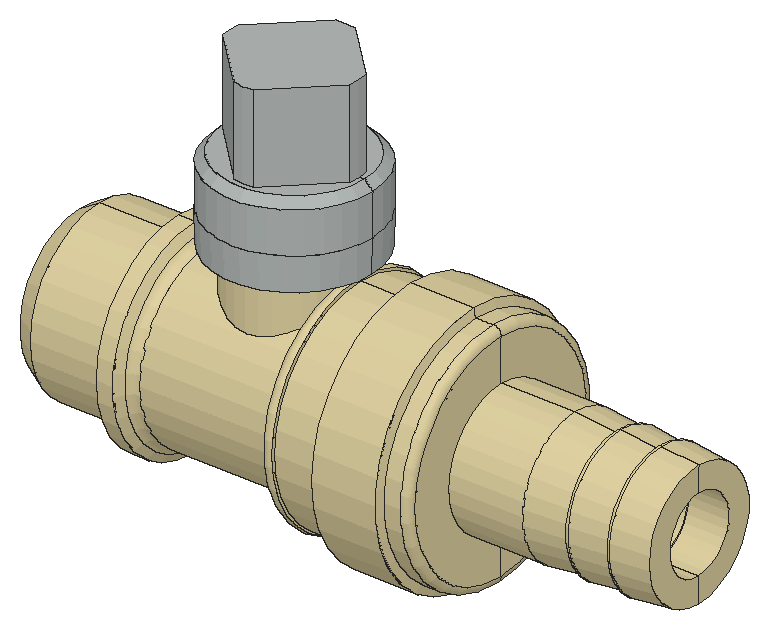
Revit family "QL23621015", category Apparecchi idraulici, Revit 2020
Family settings
  Quota connettore circolare = Usa diametro
  Tipo di parte = Normale
  Numero OmniClass = 23.45.00.00
  Titolo OmniClass = Sanitary, Laundry, and Cleaning Equipment
  Basato su piano di lavoro = No
  Sempre verticale = Sì
  Taglio con vuoti quando caricato = No
  Condiviso = No
  Punto di calcolo locali = No
Parameters
  URL = "https://web.cimberio.it/index.php/figura/947?subcategoria_id="
  Temperatura di esercizio = "-20 ÷ 90°C"
  Prospetto di default = 0 mm
  Produttore = "CIMBERIO SPA"
  Pressione nominale = "PN 16"
  Modello = "Cim 190/1"
  Materiale = "Prodotto in lega di ottone conforme alla norma EN 12165-CW617N-DW"
  Descrizione = "Realizzato in ottemperanza ai requisiti gestionali della norma EN ISO 9001.\r\nCollaudato al 100% secondo la normativa EN 12266-1.\r\nUtilizzato per impianti idraulici domestici e commerciali, impianti di riscaldamento come scarico caldaia"
  DN [instance] = 9 mm
  Type Comments = ""
Reference planes
  plane 1 "Centro (Fronte/Retro)": y = 0
  plane 2: z = 0
  plane 3 "Centro (Sinistra/Destra)": x = 0
Forms (mm)
  Revolve 1, solid, material "Cim_Lega di ottone gialla filetto"
    sketch origin (0, 0, 0) x (1, 0, 0) y (0, 0, 1)
      loop
        line (-26, 4.5) -> (-14, 4.5) -> (-14, 10.45) -> (-23.59, 10.45) -> (-26, 9.007) -> (-26, 4.5)
      axis (-26, 0) -> (-14, 0)
    angle from 0 to 360
  Revolve 2, solid, material "Cim_Lega di ottone gialla"
    sketch origin (0, 0, 0) x (1, 0, 0) y (0, 0, 1)
      loop
        line (-14, -4.5) -> (-14, -12.5) -> (-12, -12.5) -> (-11.423, -11.5)
        arc (-11.423, -11.5) -> (-10.874, -10.951) -> (-10.124, -10.75) r 1.5
        line (-10.124, -10.75) -> (5.412, -10.75) -> (6.711, -13)
        arc (6.711, -13) -> (7.277, -13.454) -> (8, -13.406) r 1
        line (8, -13.406) -> (8, -4.5) -> (-14, -4.5)
      axis (-14, 0) -> (8, 0)
    angle from 0 to 360
  Revolve 3, solid, material "Cim_Lega di ottone gialla filetto"
    sketch origin (0, 0, 0) x (1, 0, 0) y (0, 0, 1)
      loop
        line (8, 13.125) -> (8, 4.5) -> (13.5, 4.5) -> (13.5, 13.125) -> (8, 13.125)
      axis (8, 0) -> (13.5, 0)
    angle from 0 to 360
  Revolve 4, solid, material "Cim_Lega di ottone gialla"
    sketch origin (0, 0, 0) x (1, 0, 0) y (0, 0, 1)
      loop
        arc (25, 13) -> (24.707, 13.707) -> (24, 14) r 1
        line (24, 14) -> (22, 14) -> (21.733, 14.997) -> (14.075, 14.997) -> (13.5, 13.943) -> (13.5, 4.5) -> (25, 4.5) -> (25, 13)
      axis (13.5, 0) -> (25, 0)
    angle from 0 to 360
  Revolve 5, solid, material "Cim_Lega di ottone gialla"
    sketch origin (0, 0, 0) x (1, 0, 0) y (0, 0, 1)
      loop
        line (34, 8) -> (25, 8) -> (25, 4.5) -> (39, 4.5) -> (39, 7.5) -> (34, 8)
      axis (39, 0) -> (25, 0)
    angle from 0 to 360
  Revolve 6, solid, material "Cim_Lega di ottone gialla"
    sketch origin (0, 0, 0) x (1, 0, 0) y (0, 0, 1)
      loop
        line (44, 7.5) -> (39.518, 7.969)
        arc (39.518, 7.969) -> (39.155, 7.851) -> (39, 7.502) r 0.469
        line (39, 7.502) -> (39, 4.5) -> (44, 4.5) -> (44, 7.5)
      axis (39, 0) -> (44, 0)
    angle from 0 to 360
  Revolve 7, solid, material "Cim_Lega di ottone gialla"
    sketch origin (5, 0, 0) x (1, 0, 0) y (0, 0, 1)
      loop
        line (44, 7.5) -> (39.518, 7.969)
        arc (39.518, 7.969) -> (39.155, 7.851) -> (39, 7.502) r 0.469
        line (39, 7.502) -> (39, 4.5) -> (44, 4.5) -> (44, 7.5)
      axis (39, 0) -> (44, 0)
    angle from 0 to 360
  Revolve 8, solid, material "Cim_Lega di ottone gialla"
    sketch origin (0, 0, 0) x (1, 0, 0) y (0, 0, 1)
      loop
        line (0, 18.3) -> (0, 7.255) -> (7.335, 7.255) -> (7.335, 16.85) -> (6.5, 16.85) -> (6.5, 18.3) -> (0, 18.3)
      axis (0, 18.3) -> (0, 7.255)
    angle from 0 to 360
  Revolve 9, solid, material "Cim_Lega di ottone"
    sketch origin (0, 0, 0) x (1, 0, 0) y (0, 0, 1)
      loop
        line (9.5, 18.3) -> (9.5, 23.3) -> (8.5, 24.3) -> (0, 24.3) -> (0, 14.3) -> (9.396, 14.3) -> (9.5, 18.3)
      axis (0, 24.3) -> (0, 14.3)
    angle from 0 to 360
  Extrusion 10, solid, material "Cim_Lega di ottone"
    sketch origin (0, 0, 0) x (1, 0, 0) y (0, 1, 0)
      loop
        arc (-7.707, 1.203) -> (-7.8, 0) -> (-7.707, -1.203) r 7.8
        line (-7.707, -1.203) -> (-1.203, -7.707)
        arc (-1.203, -7.707) -> (0, -7.8) -> (1.203, -7.707) r 7.8
        line (1.203, -7.707) -> (7.707, -1.203)
        arc (7.707, -1.203) -> (7.8, 0) -> (7.707, 1.203) r 7.8
        line (7.707, 1.203) -> (1.203, 7.707)
        arc (1.203, 7.707) -> (0, 7.8) -> (-1.203, 7.707) r 7.8
        line (-1.203, 7.707) -> (-7.707, 1.203)
    from 23.3 to 34.8
Dimensions and locks
  aligned and locked: level to plane 2
Connectors
  piping at (49, 0, 0), diameter 9, driven by "DN"
    settings: on Revolve 7, index 1, connector inside diameter 609.6 mm, connector length 0 mm, flow factor 0, pipe flow 0.0 L/s, pressure drop 0.0 Pa, fitting loss kfactor 0, connector angle 0.00°, fixture units 0, engagement length 0 mm, angle of deflection 0.00°, flow configuration 0, flow direction 0, fitting loss method 0, system type 7, joint type 0, gender type 0, connector reference index -1, connector utility 0, adjustable connector no, is connector primary yes, connector description ""
  piping at (-26, 0, 0), diameter 9, driven by "DN"
    settings: on Revolve 1, index 2, connector inside diameter 609.6 mm, connector length 0 mm, flow factor 0, pipe flow 0.0 L/s, pressure drop 0.0 Pa, fitting loss kfactor 0, connector angle 0.00°, fixture units 0, engagement length 0 mm, angle of deflection 0.00°, flow configuration 0, flow direction 0, fitting loss method 0, system type 7, joint type 0, gender type 0, connector reference index -1, connector utility 0, adjustable connector no, is connector primary no, connector description ""
